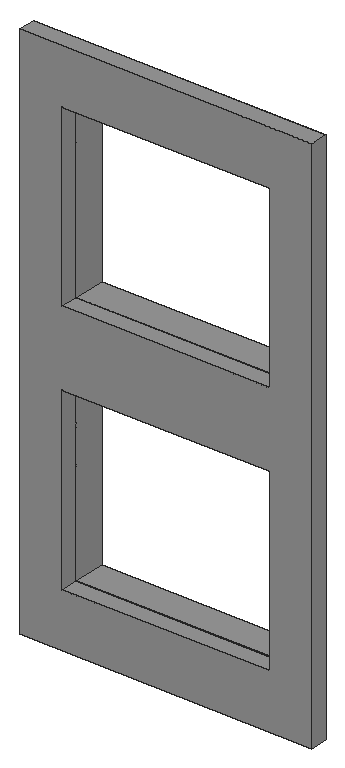
Revit family "IEK_РамкаДвухместная_Вертикальная_IP20_КВАРТА", category Обобщенные модели, Revit 2019
Family settings
  Может служить основой для арматурных стержней = Нет
  Размер круглого соединителя = Использовать диаметр
  Тип детали = Нормальный
  На основе рабочей плоскости = Нет
  Всегда вертикально = Да
  При загрузке вырезать с полостями = Нет
  Общий = Нет
  Точка расчета площади = Нет
Parameters (values of type "РВ-2-ККм")
  Ширина = 81 mm  # constant formula
  Степень защиты = "IP20"  # constant formula
  Изготовитель = "IEK"  # constant formula
  Дата изменения = ""
  Глубина = 4 mm  # constant formula
  Высота = 153 mm  # constant formula
  KSI_CPr_Строительные изделия = ""
  KSI_CMa_Строительные материалы = "01.7.14.03"  # constant formula
  IEK_Цена за единицу = 74.35
  IEK_Поиск в таблице имен = ""
  IEK_Описание = "Классический дизайн, проверенный временем и востребованный различными категориями потребителей, позволяет устанавливать изделия серии \"КВАРТА\" в квартирах, загородных домах, офисных и производственных помещениях."
  IEK_URL = "https://www.iek.ru/products/catalog/izdeliya_elektroustanovochnye_udliniteli_i_silovye_razemy/elektroustanovochnye_izdeliya/elektroustanovochnye_izdeliya_skrytogo_montazha/elektroustanovochnye_izdeliya_kvarta/elektroustanovochnye_izdeliya_kvarta_tsvet_kremovyy/ramka_2_mestnaya_vertikalnaya_rv_2_kkm_kvarta_kremovyy_iek"
  ADSK_Примечание = ""
  ADSK_Позиция [instance] = ""
  ADSK_Наименование = "Рамка 2-местная вертикальная РВ-2-ККм КВАРТА кремовый IEK"
  ADSK_Материал обозначение = ""
  ADSK_Материал наименование = "Пластик"  # constant formula
  ADSK_Материал = Цвет кремовый
  ADSK_Масса = 0.034  # constant formula
  ADSK_Марка = "КВАРТА"  # constant formula
  ADSK_Код изделия = "EMK21-K33-DM"
  ADSK_Завод-изготовитель = "IEK"  # constant formula
  ADSK_Единица измерения = "шт"  # constant formula
  ADSK_Группирование = "III ЭЛЕКТРОУСТАНОВОЧНЫЕ И ЭЛЕКТРОМОНТАЖНЫЕ ИЗДЕЛИЯ"  # constant formula
  ADSK_Версия семейства = "1.0"  # constant formula
  ADSK_Версия Revit = "2019"  # constant formula
  ADSK_URL страницы изделия = "https://www.iek.ru/products/catalog/izdeliya_elektroustanovochnye_udliniteli_i_silovye_razemy/elektroustanovochnye_izdeliya/elektroustanovochnye_izdeliya_skrytogo_montazha/elektroustanovochnye_izdeliya_kvarta/?pagec=100"
Types (3, lengths in mm): name | IEK_Цена за единицу | IEK_URL | ADSK_Наименование | ADSK_Материал | ADSK_Код изделия
  (no name) | 74.35 | "https://www.iek.ru/products/catalog/izdeliya_elektroustanovochnye_udliniteli_i_silovye_razemy/elektroustanovochnye_izdeliya/elektroustanovochnye_izdeliya_skrytogo_montazha/elektroustanovochnye_izdeliya_kvarta/elektroustanovochnye_izdeliya_kvarta_tsvet_kremovyy/ramka_2_mestnaya_vertikalnaya_rv_2_kkm_kvarta_kremovyy_iek" | "Рамка 2-местная вертикальная РВ-2-ККм КВАРТА кремовый IEK" | Цвет кремовый | "EMK21-K33-DM"
  РВ-2-КБ | 84.41 | "https://www.iek.ru/products/catalog/izdeliya_elektroustanovochnye_udliniteli_i_silovye_razemy/elektroustanovochnye_izdeliya/elektroustanovochnye_izdeliya_skrytogo_montazha/elektroustanovochnye_izdeliya_kvarta/elektroustanovochnye_izdeliya_kvarta_tsvet_belyy/ramka_2_mestnaya_vertikalnaya_rv_2_kb_kvarta_belyy_iek" | "Рамка 2-местная вертикальная РВ-2-КБ КВАРТА белый IEK" | Цвет белый | "EMK21-K01-DM"
  РВ-2-ККм | 74.35 | "https://www.iek.ru/products/catalog/izdeliya_elektroustanovochnye_udliniteli_i_silovye_razemy/elektroustanovochnye_izdeliya/elektroustanovochnye_izdeliya_skrytogo_montazha/elektroustanovochnye_izdeliya_kvarta/elektroustanovochnye_izdeliya_kvarta_tsvet_kremovyy/ramka_2_mestnaya_vertikalnaya_rv_2_kkm_kvarta_kremovyy_iek" | "Рамка 2-местная вертикальная РВ-2-ККм КВАРТА кремовый IEK" | Цвет кремовый | "EMK21-K33-DM"
Reference planes
  plane 1 "По центру (Вперед/Назад)": y = 0
  plane 2: z = 0
  plane 3 "По центру (Влево/Вправо)": x = 0
  plane 4 "Высота ножек": z = 280
  plane 5 "Высота": z = 2081.496
Forms (mm)
  Extrusion 1, solid, detail levels coarse+medium
    sketch origin (0, 0, 0) x (1, 0, 0) y (0, 1, 0)
      loop
        line (-40.5, 0) -> (40.5, 0) -> (40.5, 4) -> (-40.5, 4) -> (-40.5, 0)
    from 0 to 153
  Extrusion 2, solid, material "Цвет кремовый" <- "ADSK_Материал", detail levels fine
    sketch origin (0, 0, 75.75) x (0, 0, -1) y (-1, 0, 0)
      loop
        line (-75.75, 40.75) -> (-75.75, -40.75) -> (75.75, -40.75) -> (75.75, 40.75) -> (-75.75, 40.75)
    from 0 to 5
  Blend 3, solid, material "Цвет кремовый" <- "ADSK_Материал", detail levels fine
    base sketch origin (0, 0, 75.75) x (0, 0, -1) y (-1, 0, 0)
      loop
        line (-75.75, 40.75) -> (-75.75, -40.75) -> (0, -40.75) -> (0, 40.75) -> (-75.75, 40.75)
    top sketch origin (0, 0, 75.75) x (0, 0, -1) y (-1, 0, 0)
      loop
        line (-10.5, -29) -> (-10.5, 29) -> (-60.5, 29) -> (-60.5, -29) -> (-10.5, -29)
    from 5 to 14
  Extrusion 4, void
    sketch origin (0, 0, 75.75) x (0, 0, -1) y (-1, 0, 0)
      loop
        line (-60.5, 29) -> (-60.5, -29) -> (-10.5, -29) -> (-10.5, 29) -> (-60.5, 29)
      loop
        line (10.5, 29) -> (10.5, -29) -> (60.5, -29) -> (60.5, 29) -> (10.5, 29)
    from 0 to 14
  Blend 5, solid, material "Цвет кремовый" <- "ADSK_Материал", detail levels fine
    base sketch origin (0, 0, 75.75) x (0, 0, 1) y (1, 0, 0)
      loop
        line (-75.75, -40.75) -> (0, -40.75) -> (0, 40.75) -> (-75.75, 40.75) -> (-75.75, -40.75)
    top sketch origin (0, 0, 75.75) x (0, 0, 1) y (1, 0, 0)
      loop
        line (-60.5, 29) -> (-60.5, -29) -> (-10.5, -29) -> (-10.5, 29) -> (-60.5, 29)
    from 5 to 14
Cuts and joins
  Extrusion 4 cuts Blend 3
  Extrusion 4 cuts Extrusion 2
  Extrusion 4 cuts Blend 5
Dimensions and locks
  locked: plane 4 "Высота ножек" to plane 2 at 280
  plane 5 "Высота" to plane 4 "Высота ножек" = 1801.496 mm
  aligned and locked: level to plane 2
